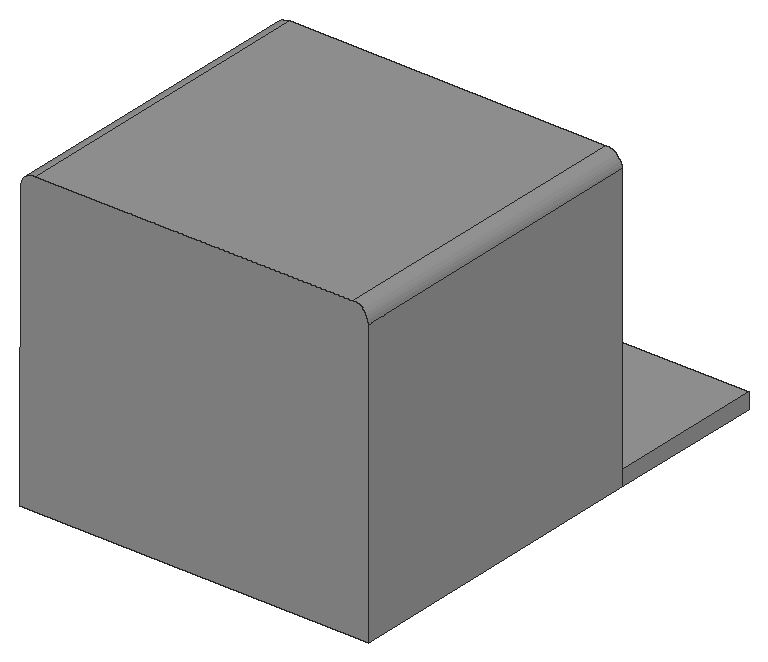
Revit family "Service_Sink-Willoughby-SS-2219-OF", category Plumbing Fixtures, Revit 2015
Parameters (values of type "2219-OF")
  Waste Connection = yes
  Vent Connection = no
  URL = "https://www.willoughby-ind.com/wp-content/uploads/2018/01/SS.pdf"
  Sink Right = 0' - 11"
  Sink Left = 0' - 11"
  SInk Size = 1' - 8"
  Revision = "A"
  Model = "SS-2219-OF"
  Manufacturer = "Willoughby Industries"
  Lav Waste DIA = 1 1/2"
  HW Connection = no
  Fixture Body = Stainless Steel AISI 304-Willoughby
  Description = "Wall Mount Service Sink"
  Default Elevation = 0' - 0"
  Contact = "(800) 428-4065"
  CW Connection = no
Reference planes (in)
  plane 1 "Center (Front/Back)": y = 0
  plane 2: z = 0
  plane 3 "Center (Left/Right)": x = 0
  plane 4 "Sink HGT": y = 30
  plane 5 "Top Of Unit": y = 20
  plane 6: x = -11
  plane 7: x = 11
  plane 8 "bottom of Basin": y = 20
  plane 9: z = 19
  plane 10: z = 1
  plane 11: y = 10
  plane 12 "Sink Drain": y = 17.5625
Forms (in)
  Extrusion 1, solid, material "Stainless Steel AISI 304-Willoughby" <- "Fixture Body"
    sketch origin (0, 20, 0) x (-1, 0, 0) y (0, 0, 1)
      loop
        line (11, 0) -> (11, 18)
        arc (11, 18) -> (10.70711, 18.70711) -> (10, 19) r 1
        line (10, 19) -> (-10, 19)
        arc (-10, 19) -> (-10.70711, 18.70711) -> (-11, 18) r 1
        line (-11, 18) -> (-11, 0) -> (11, 0)
    from -10 to 10
  Extrusion 2, solid, material "Stainless Steel AISI 304-Willoughby" <- "Fixture Body"
    sketch origin (0, 30, 0) x (-1, 0, 0) y (0, 0, 1)
      loop
        line (-11, 0) -> (11, 0) -> (11, 1) -> (-11, 1) -> (-11, 0)
    from 0 to 10
  Extrusion 3, void
    sketch origin (0, 30, 0) x (-1, 0, 0) y (0, 0, 1)
      loop
        arc (-9.5, 18) -> (-9.85355, 17.85355) -> (-10, 17.5) r 0.5
        line (-10, 17.5) -> (-10, 2.5)
        arc (-10, 2.5) -> (-9.85355, 2.14645) -> (-9.5, 2) r 0.5
        line (-9.5, 2) -> (9.5, 2)
        arc (9.5, 2) -> (9.85355, 2.14645) -> (10, 2.5) r 0.5
        line (10, 2.5) -> (10, 17.5)
        arc (10, 17.5) -> (9.85355, 17.85355) -> (9.5, 18) r 0.5
        line (9.5, 18) -> (-9.5, 18)
    from 0 to -10
  Revolve 4, solid, material "Stainless Steel AISI 304-Willoughby" <- "Fixture Body"
    sketch origin (0, 17.5625, -1) x (-1, 0, 0) y (0, 0, 1)
      loop
        line (0, 1) -> (0.75, 1) -> (0.75, 2) -> (0, 2) -> (0, 1)
      axis (0, 2) -> (0, 1)
    angle from 0 to 360
Cuts and joins
  Extrusion 3 cuts Extrusion 1
Lines and regions (in)
  symbolic lines
    curve 1: line (-11, 10, 0) -> (-11, 30, 0)
    curve 2: line (-11, 30, 0) -> (11, 30, 0)
    curve 3: line (11, 30, 0) -> (11, 10, 0)
    curve 4: line (11, 10, 0) -> (-11, 10, 0)
    curve 5: line (-11, 30, 0) -> (-11, 40, 0)
    curve 6: line (-11, 40, 0) -> (11, 40, 0)
    curve 7: line (11, 40, 0) -> (11, 30, 0)
    curve 23: line (0, 10, 0) -> (0, 30, 0)
    curve 24: line (0, 30, 0) -> (0, 30, 19)
    curve 25: line (0, 30, 19) -> (0, 10, 19)
    curve 26: line (0, 10, 19) -> (0, 10, 0)
  symbolic lines, detail levels medium+fine
    curve 8: line (-11, 17.5625, 0) -> (11, 17.5625, 0)
    curve 9: line (11, 17.5625, 0) -> (11, 17.5625, 18)
    curve 10: arc (11, 17.5625, 18) -> (10.70711, 17.5625, 18.70711) -> (10, 17.5625, 19) r 1
    curve 11: line (10, 17.5625, 19) -> (-10, 17.5625, 19)
    curve 12: arc (-10, 17.5625, 19) -> (-10.70711, 17.5625, 18.70711) -> (-11, 17.5625, 18) r 1
    curve 13: line (-11, 17.5625, 18) -> (-11, 17.5625, 0)
    curve 14: line (-11, 17.5625, 1) -> (11, 17.5625, 1)
    curve 22: arc (9.5, 17.5625, 2) -> (9.85355, 17.5625, 2.14645) -> (10, 17.5625, 2.5) r 0.5
    curve 27: line (0, 30, 0) -> (0, 40, 0)
    curve 28: line (0, 40, 0) -> (0, 40, 1)
    curve 29: line (0, 40, 1) -> (0, 30, 1)
  symbolic lines, detail levels fine
    curve 15: line (10, 17.5625, 2.5) -> (10, 17.5625, 17.5)
    curve 16: arc (10, 17.5625, 17.5) -> (9.85355, 17.5625, 17.85355) -> (9.5, 17.5625, 18) r 0.5
    curve 17: line (9.5, 17.5625, 18) -> (-9.5, 17.5625, 18)
    curve 18: arc (-9.5, 17.5625, 18) -> (-9.85355, 17.5625, 17.85355) -> (-10, 17.5625, 17.5) r 0.5
    curve 19: line (-10, 17.5625, 17.5) -> (-10, 17.5625, 2.5)
    curve 20: arc (-10, 17.5625, 2.5) -> (-9.85355, 17.5625, 2.14645) -> (-9.5, 17.5625, 2) r 0.5
    curve 21: line (-9.5, 17.5625, 2) -> (9.5, 17.5625, 2)
Dimensions and locks (in)
  plane 1 "Center (Front/Back)" to plane 4 "Sink HGT" = 2' - 6"
  plane 1 "Center (Front/Back)" to plane 5 "Top Of Unit" = 1' - 8"
  "SInk Size": plane 4 "Sink HGT" to plane 11
  "Sink Left": plane 6 to plane 3 "Center (Left/Right)"
  "Sink Right": plane 3 "Center (Left/Right)" to plane 7
  aligned and locked: plane 9 to Extrusion 1
  aligned and locked: plane 6 to Extrusion 1
  aligned and locked: Extrusion 1 to plane 7
  aligned and locked: Extrusion 1 to level
  aligned and locked: plane 4 "Sink HGT" to Extrusion 1
  aligned and locked: plane 10 to Extrusion 2
  aligned and locked: plane 6 to Extrusion 2
  aligned and locked: Extrusion 2 to level
  aligned and locked: Extrusion 2 to plane 7
  aligned and locked: Extrusion 2 to plane 4 "Sink HGT"
  aligned and locked: Extrusion 1 to Extrusion 2
  aligned and locked: Extrusion 2 to Extrusion 1
  aligned and locked: Extrusion 1 to plane 11
  aligned and locked: Extrusion 3 to plane 4 "Sink HGT"
  aligned and locked: plane 5 "Top Of Unit" to Extrusion 3
  aligned and locked: Revolve 4 sketch curve to Revolve 4 sketch curve  (x2)
  aligned and locked: curve 13 to curve 14
  aligned and locked: curve 14 to Extrusion 2
Automatic sketch dimensions
  curve 1 to plane 6 = 0' - 0"
  curve 3 to plane 7 = 0' - 0"
  curve 1 to plane 11 = 0' - 0"
  curve 3 to plane 4 "Sink HGT" = 0' - 0"
  curve 2 to curve 6 = 0' - 10"
  curve 23 to level = 0' - 0"
  curve 23 to plane 11 = 0' - 0"
  curve 25 to plane 4 "Sink HGT" = 0' - 0"
  curve 28 to plane 10 = 0' - 0"
  curve 24 to plane 9 = 0' - 0"
  curve 29 to curve 28 = 0' - 10"
  Extrusion 1 sketch curve to level = 0' - 0"
  plane 7 to Extrusion 1 sketch curve = 0' - 0"
  Extrusion 1 sketch curve to plane 9 = 0' - 0"
  plane 6 to Extrusion 1 sketch curve = 0' - 0"
  plane 7 to Extrusion 1 sketch curve = 0' - 1"
  Extrusion 1 sketch curve to plane 6 = 0' - 1"
  plane 7 to Extrusion 2 sketch curve = 0' - 0"
  Extrusion 2 sketch curve to level = 0' - 0"
  plane 6 to Extrusion 2 sketch curve = 0' - 0"
  Extrusion 2 sketch curve to plane 10 = 0' - 0"
  plane 7 to Extrusion 3 sketch curve = 0' - 1"
  Extrusion 3 sketch curve to Extrusion 3 sketch curve = 0' - 0 1/2"  (x3)
  Extrusion 3 sketch curve to plane 6 = 0' - 1 1/2"  (x2)
  plane 10 to Extrusion 3 sketch curve = 0' - 1"
  Extrusion 3 sketch curve to plane 9 = 0' - 1 1/2"
  Revolve 4 sketch curve to level = 0' - 0"  (x2)
  Revolve 4 sketch curve to plane 3 "Center (Left/Right)" = 0' - 0"
  Revolve 4 sketch curve to plane 10 = 0' - 0"
  Revolve 4 sketch curve to Revolve 4 sketch curve = 0' - 0 3/4"
  plane 7 to curve 10 = 0' - 0"
  curve 10 to plane 9 = 0' - 0"
  plane 6 to curve 13 = 0' - 0"
  curve 8 to level = 0' - 0"
  plane 7 to curve 11 = 0' - 1"
  plane 7 to curve 15 = 0' - 1"
  curve 10 to curve 17 = 0' - 0 1/2"
  curve 15 to curve 21 = 0' - 0 1/2"
  curve 18 to plane 6 = 0' - 1 1/2"
  curve 21 to plane 6 = 0' - 1 1/2"
  curve 18 to curve 19 = 0' - 0 1/2"
  curve 17 to curve 12 = 0' - 0 1/2"
  plane 10 to curve 21 = 0' - 1"
  curve 19 to curve 12 = 0' - 0 1/2"
Connectors (in)
  piping at (0, 17.5625, 0), diameter 1.5, driven by "Lav Waste DIA", driven by "Waste Connection"
    settings: on Revolve 4, index 1, connector inside diameter 24", connector length 0' - 0", flow factor 0, pipe flow 0 GPM, pressure drop 0.00 psi, fitting loss kfactor 0, connector angle 0.00°, fixture units 0, engagement length 0' - 0", angle of deflection 0.00°, flow configuration 0, flow direction 2, fitting loss method 0, system type 16, joint type 0, gender type 0, connector reference index -1, connector utility 1, adjustable connector no, is connector primary yes, connector description "Sink Waste"
